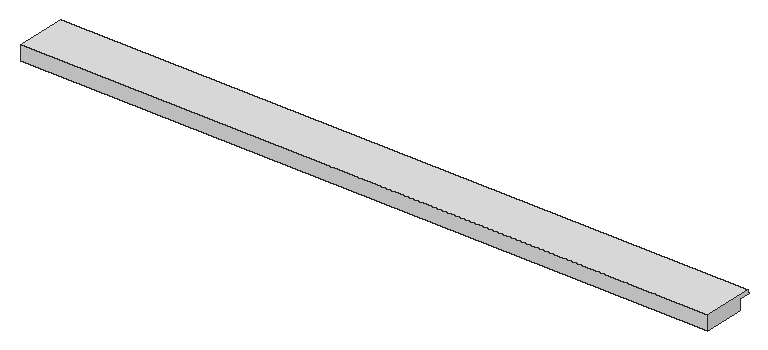
Revit family "11-TRIMBOARD-AND-STEALTH-TRIM-CADS-115-4-STANDARD-STEALTH-4-REVIT_Versatex-Generic-Model-5-4in-x-4in-STEALTH-TRIM--75in-Pocket", category Generic Models, host Face, Revit 2026
Family settings
  Host = Face
  Can host rebar = No
  Round Connector Dimension = Use Diameter
  Part Type = Normal
  Cut with Voids When Loaded = No
  Maintain Annotation Orientation = No
  Shared = No
  Room Calculation Point = No
Parameters
  Model = "STBSM/TR540418"
  Length = 4' - 0"
  Warranty = "https://versatex.com/warranty/"
  URL = "https://versatex.com/"
  Specification = "https://www.arcat.com/company/versatex-45716/spec?coid=45716"
  Sales Information = "https://versatex.com/dealer-locator/"
  Message Manufacturer = "https://versatex.com/contact/"
  Material = Versatex PVC - Smooth
  Manufacturer Website = "https://versatex.com/"
  Manufacturer Phone = "724-857-1111"
  Manufacturer Fax = "724-857-1171"
  Manufacturer Address = "400 Steel Street, Aliquippa, PA 15001"
  Manufacturer = "Versatex"
  Literature = "https://versatex.com/literature/?_sft_literature_category=cads"
  Description = "NOMINAL 5/4\" X 4\" STEALTH TRIM (.75in Pocket)"
  Default Elevation = 4' - 0"
  Copyright = "© 2024 VERSATEX Building Products, LLC"
Reference planes (in)
  plane 1 "Center (Front/Back)": y = 0
  plane 2: z = 0
  plane 3 "Center (Left/Right)": x = 0
  plane 4: x = 24
  plane 5: x = -24
Forms (in)
  Sweep 1, solid, material "Versatex PVC - Smooth" <- "Material"
    path origin (0, 0, 0) x (1, 0, 0) y (0, 1, 0)
      loop
        line (-24, 0) -> (24, 0)
    profile "Versatex_Profile_5-4” x 4” STEALTH TRIM (.75in Pocket) : Versatex_Profile_5-4” x 4” STEALTH TRIM (.75in Pocket)" origin (0, 0, 0) x (0, 1, 0) y (0, 0, 1)
      loop
        line (3.5, 0.75) -> (3.5, 1) -> (0, 1) -> (0, 0) -> (2.75, 0) -> (2.75, 0.75) -> (3.5, 0.75)
Dimensions and locks (in)
  "Length": plane 5 to plane 4
  equal spacing: plane 5, plane 3 "Center (Left/Right)", plane 4, locked at 24 each
  aligned and locked: plane 2 to host face
  aligned and locked: level to host face
Automatic sketch dimensions
  host sketch curve to host sketch curve = 8' - 0"  (x2)
  plane 1 "Center (Front/Back)" to Sweep 1 sketch curve = 0' - 0"
  Sweep 1 sketch curve to plane 5 = 0' - 0"
  Sweep 1 sketch curve to plane 4 = 0' - 0"
